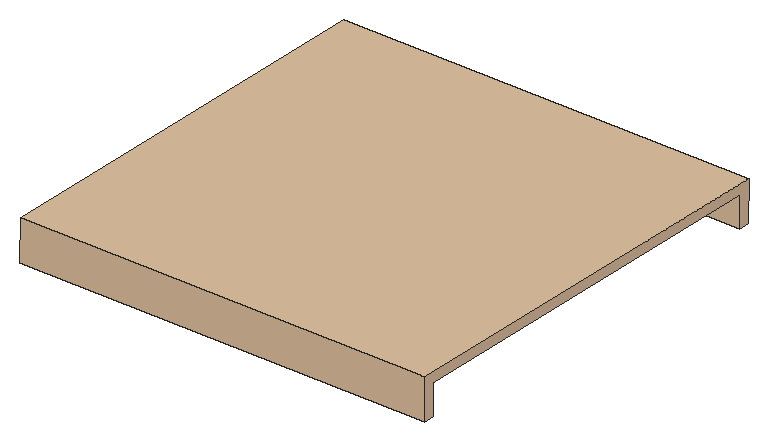
Revit family "FU_Modular_Sandler_Escalas_Table Top 0410MA", category Furniture, Revit 2020
Family settings
  OmniClass Number = 23.40.20.00
  OmniClass Title = General Furniture and Specialties
  Work Plane-Based = No
  Always vertical = Yes
  Cut with Voids When Loaded = No
  Shared = No
  Room Calculation Point = No
Parameters (values of type "Escalas 0410MA")
  Width = 800 mm
  URL = "https://www.sandlerseating.com/product/esc0410ma/"
  Top Finish = Wood - Oak - Natural - V
  Right Offset Undercut = 420 mm
  Model = "Escalas 0410MA"
  Manufacturer = "Sandler"
  Left Offset Undercut = 420 mm
  Height = 300 mm
  Elevation = 220 mm
  Description = "Wooden 80cm central table top. 8cm x 80cm x 80cm (measurement without base)."
  Depth = 800 mm
  Default Elevation = 0 mm
Reference planes
  plane 1 "Center (Front/Back)": y = 0
  plane 2: z = 0
  plane 3 "Center (Left/Right)": x = 0
  plane 4 "Right": x = -400
  plane 5 "Left": x = 400
  plane 6 "Back": y = 400
  plane 7 "Front": y = -400
  plane 8 "Height": z = 300
  plane 9 "Elevation": z = 220
  plane 10 "Inner Front": y = -380
  plane 11 "Inner Back": y = 380
  plane 12 "Inner Right": x = -380
  plane 13 "Inner left": x = 380
  plane 14 "Under Edge": z = 280
  plane 15 "Right Offset": x = -420
  plane 16 "Left Offset": x = 420
Forms (mm)
  Extrusion 1, solid, material "Wood - Oak - Natural - V" <- "Top Finish"
    sketch origin (0, 0, 220) x (-1, 0, 0) y (0, -1, 0)
      loop
        line (400, -400) -> (400, 400) -> (-400, 400) -> (-400, -400) -> (400, -400)
    from 0 to 80
  Extrusion 2, void
    sketch origin (0, 0, 220) x (-1, 0, 0) y (0, -1, 0)
      loop
        line (420, 380) -> (-420, 380) -> (-420, -380) -> (420, -380) -> (420, 380)
    from 0 to 60
Cuts and joins
  Extrusion 2 cuts Extrusion 1
Dimensions and locks
  equal spacing: plane 4 "Right", plane 3 "Center (Left/Right)", plane 5 "Left"
  "Width": plane 4 "Right" to plane 5 "Left"
  equal spacing: plane 6 "Back", plane 1 "Center (Front/Back)", plane 7 "Front"
  "Depth": plane 6 "Back" to plane 7 "Front"
  "Height": plane 8 "Height" to level
  "Elevation": plane 9 "Elevation" to level
  locked: plane 4 "Right" to plane 12 "Inner Right" at 20
  locked: plane 13 "Inner left" to plane 5 "Left" at 20
  locked: plane 8 "Height" to plane 14 "Under Edge" at 20
  locked: plane 7 "Front" to plane 10 "Inner Front" at 20
  locked: plane 11 "Inner Back" to plane 6 "Back" at 20
  "Right Offset Undercut": plane 15 "Right Offset" to plane 3 "Center (Left/Right)"
  "Left Offset Undercut": plane 3 "Center (Left/Right)" to plane 16 "Left Offset"
  aligned and locked: level to plane 2
  aligned and locked: Extrusion 1 sketch curve to plane 6 "Back"
  aligned and locked: Extrusion 1 sketch curve to plane 4 "Right"
  aligned and locked: plane 7 "Front" to Extrusion 1 sketch curve
  aligned and locked: plane 5 "Left" to Extrusion 1 sketch curve
  aligned and locked: Extrusion 1 to plane 9 "Elevation"
  aligned and locked: plane 8 "Height" to Extrusion 1
  aligned and locked: plane 10 "Inner Front" to Extrusion 2 sketch curve
  aligned and locked: Extrusion 2 sketch curve to plane 15 "Right Offset"
  aligned and locked: Extrusion 2 sketch curve to plane 11 "Inner Back"
  aligned and locked: Extrusion 2 sketch curve to plane 16 "Left Offset"
  aligned and locked: Extrusion 2 to plane 9 "Elevation"
  aligned and locked: Extrusion 2 to plane 14 "Under Edge"
  aligned and locked: Extrusion 1 to plane 8 "Height"
